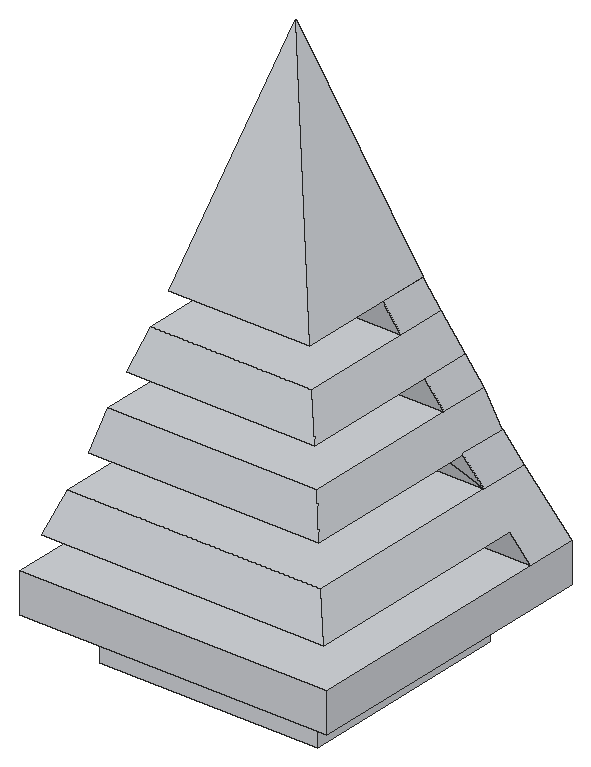
Revit family
Parameters (values of type "SBSP-024.1")
  Width = 1' - 1"
  URL = "www.strombergarchitectural.com"
  Top Material = GFRC
  Submittal Sheet = "www.strombergarchitectural.com/images/materials/gfrc/submittal/gfrc-submittal-sheet.pdf"
  Specifications = "www.strombergarchitectural.com/gfrcspecifications"
  Model Cut-sheet = "www.strombergarchitectural.com/products/bollards/design/SBSP-024"
  Model = "SBSP-024"
  Manufacturer = "Stromberg Architectural Products"
  Guidebook = "www.strombergarchitectural.com/images/materials/gfrc/handbooks/gfrc_guidebook.pdf   \r\n(http://www.strombergarchitectural.com/images/materials/gfrc/handbooks/gfrc_guidebook.pdf"
  Frame Material = none
  Description = "GFRC Bollard"
  Assembly Code = ""
  Height = 2' - 0"
  XXX.5 = no
  XXX.4 = no
  XXX.3 = no
  XXX.2 = no
  XXX.1 = yes
Types (6): name | Width | Guidebook | Height | XXX.5 | XXX.4 | XXX.3 | XXX.2 | XXX.1
  (no name) | 1' - 1" | "www.strombergarchitectural.com/images/materials/gfrc/handbooks/gfrc_guidebook.pdf   \r\n(http://www.strombergarchitectural.com/images/materials/gfrc/handbooks/gfrc_guidebook.pdf" | 2' - 0" | no | no | no | no | yes
  SBSP-024.3 | 1' - 9" | "www.strombergarchitectural.com/images/materials/gfrc/handbooks/gfrc_guidebook.pdf" | 3' - 0" | no | no | yes | no | no
  SBSP-024.1 | 1' - 1" | "www.strombergarchitectural.com/images/materials/gfrc/handbooks/gfrc_guidebook.pdf   \r\n(http://www.strombergarchitectural.com/images/materials/gfrc/handbooks/gfrc_guidebook.pdf" | 2' - 0" | no | no | no | no | yes
  SBSP-024.2 | 1' - 5" | "www.strombergarchitectural.com/images/materials/gfrc/handbooks/gfrc_guidebook.pdf" | 2' - 6" | no | no | no | yes | no
  SBSP-024.4 | 2' - 0" | "www.strombergarchitectural.com/images/materials/gfrc/handbooks/gfrc_guidebook.pdf" | 3' - 6" | no | yes | no | no | no
  SBSP-024.5 | 2' - 4" | "www.strombergarchitectural.com/images/materials/gfrc/handbooks/gfrc_guidebook.pdf" | 4' - 0" | yes | no | no | no | no
Reference planes (in)
  plane 1 "Center (Front/Back)": y = 3.74847
  plane 2: z = 0
  plane 3 "Center (Left/Right)": x = 0.7278
  plane 4 "Front": y = -20.25153
  plane 5 "Back": y = 27.74847
  plane 6 "Left": x = -17.2722
  plane 7 "Right": x = 18.7278
  plane 8: z = 4
  plane 9: z = 7.33333
  plane 10: z = 10
  plane 11: z = 13.33333
  plane 12: z = 16
  plane 13: z = 19.33333
  plane 14: z = 22
  plane 15: z = 25.33333
  plane 16: z = 28
  plane 17: z = 48
  plane 18: y = 14.0818
  plane 19: x = 11.06113
  plane 20: y = -6.58487
  plane 21: x = -9.60553
Forms (in)
  Extrusion 1, solid, visible <- "XXX.1"
    sketch origin (0, 0, 0) x (1, 0, 0) y (0, 1, 0)
      loop
        line (-3.92637, 8.32162) -> (-3.92637, -0.82469) -> (5.30096, -0.82469) -> (5.30096, 8.32162) -> (-3.92637, 8.32162)
    from 0 to 2
  Extrusion 2, solid, visible <- "XXX.1"
    sketch origin (7.2153, -48, 2) x (0, -1, 0) y (-1, 0, 0)
      loop
        line (-58.23597, 12.975) -> (-58.23597, 0) -> (-45.26097, 0) -> (-45.26097, 12.975) -> (-58.23597, 12.975)
    from -1.66667 to 0
  Blend 3, solid, visible <- "XXX.1"
    base sketch origin (0, 0, 0) x (1, 0, 0) y (0, 1, 0)
      loop
        line (-5.7597, 10.23597) -> (-5.7597, 8.11097) -> (7.2153, 8.11097) -> (7.2153, 10.23597) -> (-5.7597, 10.23597)
    top sketch origin (0, 0, 0) x (1, 0, 0) y (0, 1, 0)
      loop
        line (-5.2597, 9.73597) -> (-5.2597, 7.61097) -> (6.7153, 7.61097) -> (6.7153, 9.73597) -> (-5.2597, 9.73597)
    from 3.66667 to 5
  Blend 4, solid, visible <- "XXX.1"
    base sketch origin (0, 0, 0) x (1, 0, 0) y (0, 1, 0)
      loop
        line (-5.2597, 9.73597) -> (-5.2597, -2.23903) -> (6.7153, -2.23903) -> (6.7153, 9.73597) -> (-5.2597, 9.73597)
    top sketch origin (0, 0, 0) x (1, 0, 0) y (0, 1, 0)
      loop
        line (-4.6347, 9.11097) -> (-4.6347, -1.61403) -> (6.0903, -1.61403) -> (6.0903, 9.11097) -> (-4.6347, 9.11097)
    from 5 to 6.66667
  Blend 5, solid, visible <- "XXX.1"
    base sketch origin (6.25813, -48, 6.66667) x (0, -1, 0) y (1, 0, 0)
      loop
        line (-57.11097, -10.89283) -> (-54.98597, -10.89283) -> (-54.98597, -0.16783) -> (-57.11097, -0.16783) -> (-57.11097, -10.89283)
    top sketch origin (6.25813, -48, 6.66667) x (0, -1, 0) y (1, 0, 0)
      loop
        line (-56.61097, -0.66783) -> (-56.61097, -10.39283) -> (-54.48597, -10.39283) -> (-54.48597, -8.26783) -> (-54.48597, -2.79283) -> (-54.48597, -0.66783) -> (-56.61097, -0.66783)
    from 0 to 1.375
  Blend 6, solid, visible <- "XXX.1"
    base sketch origin (6.25813, -48, 6.66667) x (0, -1, 0) y (1, 0, 0)
      loop
        line (-56.61097, -0.66783) -> (-56.61097, -10.39283) -> (-46.88597, -10.39283) -> (-46.88597, -0.66783) -> (-56.61097, -0.66783)
    top sketch origin (6.25813, -48, 6.66667) x (0, -1, 0) y (1, 0, 0)
      loop
        line (-56.17347, -1.10533) -> (-56.17347, -9.95533) -> (-47.32347, -9.95533) -> (-47.32347, -1.10533) -> (-56.17347, -1.10533)
    from 1.33333 to 3
  Blend 7, solid, visible <- "XXX.1"
    base sketch origin (5.30096, -48, 9.66667) x (0, -1, 0) y (1, 0, 0)
      loop
        line (-56.17347, -8.99816) -> (-54.05364, -8.99816) -> (-54.05364, -0.14816) -> (-56.17347, -0.14816) -> (-56.17347, -8.99816)
    top sketch origin (5.30096, -48, 9.66667) x (0, -1, 0) y (1, 0, 0)
      loop
        line (-55.73597, -8.56066) -> (-53.61097, -8.56066) -> (-53.61097, -0.58566) -> (-55.73597, -0.58566) -> (-55.73597, -8.56066)
    from 0 to 1.3125
  Blend 8, solid, visible <- "XXX.1"
    base sketch origin (4.87555, -48, 11) x (0, -1, 0) y (1, 0, 0)
      loop
        line (-55.73597, -8.13525) -> (-47.76097, -8.13525) -> (-47.76097, -0.16025) -> (-55.73597, -0.16025) -> (-55.73597, -8.13525)
    top sketch origin (4.87555, -48, 11) x (0, -1, 0) y (1, 0, 0)
      loop
        line (-48.32347, -7.57275) -> (-48.32347, -0.72275) -> (-55.17347, -0.72275) -> (-55.17347, -7.57275) -> (-48.32347, -7.57275)
    from 0 to 1.6875
  Blend 9, solid, visible <- "XXX.1"
    base sketch origin (4.34378, -48, 12.66667) x (0, -1, 0) y (1, 0, 0)
      loop
        line (-55.17347, -0.19098) -> (-55.17347, -7.04098) -> (-53.04847, -7.04098) -> (-53.04847, -0.19098) -> (-55.17347, -0.19098)
    top sketch origin (4.34378, -48, 12.66667) x (0, -1, 0) y (1, 0, 0)
      loop
        line (-54.73597, -6.60348) -> (-52.61097, -6.60348) -> (-52.61097, -0.62848) -> (-54.73597, -0.62848) -> (-54.73597, -6.60348)
    from 0 to 1.3125
  Blend 10, solid, visible <- "XXX.1"
    base sketch origin (3.91837, -48, 14) x (0, -1, 0) y (1, 0, 0)
      loop
        line (-54.73597, -6.17807) -> (-48.76097, -6.17807) -> (-48.76097, -0.20307) -> (-54.73597, -0.20307) -> (-54.73597, -6.17807)
    top sketch origin (3.91837, -48, 14) x (0, -1, 0) y (1, 0, 0)
      loop
        line (-51.71722, -3.22182) -> (-51.71722, -3.15932) -> (-51.77972, -3.15932) -> (-51.77972, -3.22182) -> (-51.71722, -3.22182)
    from 0 to 10
  Extrusion 11, solid, visible <- "XXX.2"
    sketch origin (9.2278, -48, 2.5) x (0, -1, 0) y (-1, 0, 0)
      loop
        line (-42.99847, 17.25) -> (-60.49847, 17.25) -> (-60.49847, -0.25) -> (-42.99847, -0.25) -> (-42.99847, 17.25)
    from -2.08333 to 0
  Blend 12, solid, visible <- "XXX.2"
    base sketch origin (9.2278, -48, 4.58333) x (0, -1, 0) y (1, 0, 0)
      loop
        line (-60.49847, -17.25) -> (-57.31097, -17.25) -> (-57.31097, 0.25) -> (-60.49847, 0.25) -> (-60.49847, -17.25)
    top sketch origin (9.2278, -48, 4.58333) x (0, -1, 0) y (1, 0, 0)
      loop
        line (-59.93597, -16.6875) -> (-56.74847, -16.6875) -> (-56.74847, -0.3125) -> (-59.93597, -0.3125) -> (-59.93597, -16.6875)
    from 0 to 1.66667
  Blend 13, solid, visible <- "XXX.2"
    base sketch origin (8.64037, -48, 6.25) x (0, -1, 0) y (1, 0, 0)
      loop
        line (-59.93597, 0.27493) -> (-59.93597, -16.10007) -> (-43.56097, -16.10007) -> (-43.56097, 0.27493) -> (-59.93597, 0.27493)
    top sketch origin (8.64037, -48, 6.25) x (0, -1, 0) y (1, 0, 0)
      loop
        line (-59.24847, -0.41257) -> (-59.24847, -15.41257) -> (-44.24847, -15.41257) -> (-44.24847, -0.41257) -> (-59.24847, -0.41257)
    from 0 to 2.08333
  Blend 14, solid, visible <- "XXX.2"
    base sketch origin (7.90608, -48, 8.33333) x (0, -1, 0) y (1, 0, 0)
      loop
        line (-59.24847, -14.67828) -> (-56.62347, -14.67828) -> (-56.62347, 0.32172) -> (-59.24847, 0.32172) -> (-59.24847, -14.67828)
    top sketch origin (7.90608, -48, 8.33333) x (0, -1, 0) y (1, 0, 0)
      loop
        line (-58.68597, -14.11578) -> (-56.06097, -14.11578) -> (-56.06097, -0.24078) -> (-58.68597, -0.24078) -> (-58.68597, -14.11578)
    from 0 to 1.6875
  Blend 15, solid, visible <- "XXX.2"
    base sketch origin (7.31865, -48, 10) x (0, -1, 0) y (1, 0, 0)
      loop
        line (-58.68597, -13.52835) -> (-44.81097, -13.52835) -> (-44.81097, 0.34665) -> (-58.68597, 0.34665) -> (-58.68597, -13.52835)
    top sketch origin (7.31865, -48, 10) x (0, -1, 0) y (1, 0, 0)
      loop
        line (-57.99847, -12.84085) -> (-45.49847, -12.84085) -> (-45.49847, -0.34085) -> (-57.99847, -0.34085) -> (-57.99847, -12.84085)
    from 0 to 2.0625
  Blend 16, solid, visible <- "XXX.2"
    base sketch origin (6.58436, -48, 12.08333) x (0, -1, 0) y (1, 0, 0)
      loop
        line (-57.99847, -12.10656) -> (-55.37347, -12.10656) -> (-55.37347, 0.39344) -> (-57.99847, 0.39344) -> (-57.99847, -12.10656)
    top sketch origin (6.58436, -48, 12.08333) x (0, -1, 0) y (1, 0, 0)
      loop
        line (-57.43597, -11.54406) -> (-54.81097, -11.54406) -> (-54.81097, -0.16906) -> (-57.43597, -0.16906) -> (-57.43597, -11.54406)
    from 0 to 1.66667
  Blend 17, solid, visible <- "XXX.2"
    base sketch origin (5.99693, -48, 13.75) x (0, -1, 0) y (1, 0, 0)
      loop
        line (-57.43597, -10.95663) -> (-46.06097, -10.95663) -> (-46.06097, 0.41837) -> (-57.43597, 0.41837) -> (-57.43597, -10.95663)
    top sketch origin (5.99693, -48, 13.75) x (0, -1, 0) y (1, 0, 0)
      loop
        line (-46.74805, -0.25868) -> (-56.74847, -0.25868) -> (-56.74847, -10.27957) -> (-46.74805, -10.27957) -> (-46.74805, -0.25868)
    from 0 to 2.0625
  Blend 18, solid, visible <- "XXX.2"
    base sketch origin (5.26264, -48, 15.83333) x (0, -1, 0) y (1, 0, 0)
      loop
        line (-56.74847, -9.54528) -> (-54.12808, -9.54528) -> (-54.12808, 0.47561) -> (-56.74847, 0.47561) -> (-56.74847, -9.54528)
    top sketch origin (5.26264, -48, 15.83333) x (0, -1, 0) y (1, 0, 0)
      loop
        line (-56.19058, -8.98278) -> (-53.56558, -8.98278) -> (-53.56558, -0.08689) -> (-56.19058, -0.08689) -> (-56.19058, -8.98278)
    from 0 to 1.6875
  Blend 19, solid, visible <- "XXX.2"
    base sketch origin (4.6752, -48, 17.5) x (0, -1, 0) y (1, 0, 0)
      loop
        line (-56.19058, -8.39535) -> (-47.30636, -8.39535) -> (-47.30636, 0.50054) -> (-56.19058, 0.50054) -> (-56.19058, -8.39535)
    top sketch origin (4.6752, -48, 17.5) x (0, -1, 0) y (1, 0, 0)
      loop
        line (-51.77972, -3.97865) -> (-51.71722, -3.97865) -> (-51.71722, -3.91615) -> (-51.77972, -3.91615) -> (-51.77972, -3.97865)
    from 0 to 13
  Extrusion 20, solid, visible <- "XXX.2"
    sketch origin (0, 0, 0) x (1, 0, 0) y (0, 1, 0)
      loop
        line (-5.48053, -2.45987) -> (6.93613, -2.45987) -> (6.93613, 9.9568) -> (-5.48053, 9.9568) -> (-5.48053, -2.45987)
    from 0 to 2.5
  Extrusion 21, solid, visible <- "XXX.3"
    sketch origin (11.7278, -48, 3) x (0, -1, 0) y (-1, 0, 0)
      loop
        line (-41.24847, 21.5) -> (-62.24847, 21.5) -> (-62.24847, 0.5) -> (-41.24847, 0.5) -> (-41.24847, 21.5)
    from -2.5 to 0
  Blend 22, solid, visible <- "XXX.3"
    base sketch origin (11.7278, -48, 5.5) x (0, -1, 0) y (1, 0, 0)
      loop
        line (-62.24847, -21.5) -> (-58.37347, -21.5) -> (-58.37347, -0.5) -> (-62.24847, -0.5) -> (-62.24847, -21.5)
    top sketch origin (11.7278, -48, 5.5) x (0, -1, 0) y (1, 0, 0)
      loop
        line (-61.56097, -20.8125) -> (-57.68597, -20.8125) -> (-57.68597, -1.1875) -> (-61.56097, -1.1875) -> (-61.56097, -20.8125)
    from 0 to 2
  Blend 23, solid, visible <- "XXX.3"
    base sketch origin (11.02288, -48, 7.5) x (0, -1, 0) y (1, 0, 0)
      loop
        line (-61.56097, -20.10758) -> (-41.93597, -20.10758) -> (-41.93597, -0.48258) -> (-61.56097, -0.48258) -> (-61.56097, -20.10758)
    top sketch origin (11.02288, -48, 7.5) x (0, -1, 0) y (1, 0, 0)
      loop
        line (-60.68597, -19.23258) -> (-42.81097, -19.23258) -> (-42.81097, -1.35758) -> (-60.68597, -1.35758) -> (-60.68597, -19.23258)
    from 0 to 2.5
  Blend 24, solid, visible <- "XXX.3"
    base sketch origin (10.14173, -48, 10) x (0, -1, 0) y (1, 0, 0)
      loop
        line (-60.68597, -18.35143) -> (-57.49847, -18.35143) -> (-57.49847, -0.47643) -> (-60.68597, -0.47643) -> (-60.68597, -18.35143)
    top sketch origin (10.14173, -48, 10) x (0, -1, 0) y (1, 0, 0)
      loop
        line (-59.99847, -17.66393) -> (-56.81097, -17.66393) -> (-56.81097, -1.16393) -> (-59.99847, -1.16393) -> (-59.99847, -17.66393)
    from 0 to 2
  Blend 25, solid, visible <- "XXX.3"
    base sketch origin (9.43682, -48, 12) x (0, -1, 0) y (1, 0, 0)
      loop
        line (-43.49847, -16.95902) -> (-43.49847, -0.45902) -> (-59.99847, -0.45902) -> (-59.99847, -16.95902) -> (-43.49847, -16.95902)
    top sketch origin (9.43682, -48, 12) x (0, -1, 0) y (1, 0, 0)
      loop
        line (-59.12347, -16.08402) -> (-44.37347, -16.08402) -> (-44.37347, -1.33402) -> (-59.12347, -1.33402) -> (-59.12347, -16.08402)
    from 0 to 2.5
  Blend 26, solid, visible <- "XXX.3"
    base sketch origin (8.55567, -48, 14.5) x (0, -1, 0) y (1, 0, 0)
      loop
        line (-59.12347, -15.20287) -> (-55.98603, -15.20287) -> (-55.98603, -0.45287) -> (-59.12347, -0.45287) -> (-59.12347, -15.20287)
    top sketch origin (8.55567, -48, 14.5) x (0, -1, 0) y (1, 0, 0)
      loop
        line (-55.29853, -14.56543) -> (-55.29853, -1.09031) -> (-58.48603, -1.09031) -> (-58.48603, -14.56543) -> (-55.29853, -14.56543)
    from 0 to 2
  Blend 27, solid, visible <- "XXX.3"
    base sketch origin (7.85075, -48, 16.5) x (0, -1, 0) y (1, 0, 0)
      loop
        line (-58.48603, -13.86051) -> (-45.01091, -13.86051) -> (-45.01091, -0.38539) -> (-58.48603, -0.38539) -> (-58.48603, -13.86051)
    top sketch origin (7.85075, -48, 16.5) x (0, -1, 0) y (1, 0, 0)
      loop
        line (-45.88591, -12.98551) -> (-45.88591, -1.26039) -> (-57.61103, -1.26039) -> (-57.61103, -12.98551) -> (-45.88591, -12.98551)
    from 0 to 2.5
  Blend 28, solid, visible <- "XXX.3"
    base sketch origin (6.9696, -48, 19) x (0, -1, 0) y (1, 0, 0)
      loop
        line (-57.61103, -12.10436) -> (-54.42353, -12.10436) -> (-54.42353, -0.37924) -> (-57.61103, -0.37924) -> (-57.61103, -12.10436)
    top sketch origin (6.9696, -48, 19) x (0, -1, 0) y (1, 0, 0)
      loop
        line (-53.73603, -11.41686) -> (-53.73603, -1.06674) -> (-56.92353, -1.06674) -> (-56.92353, -11.41686) -> (-53.73603, -11.41686)
    from 0 to 2
  Blend 29, solid, visible <- "XXX.3"
    base sketch origin (6.26469, -48, 21) x (0, -1, 0) y (1, 0, 0)
      loop
        line (-46.57341, -10.71195) -> (-46.57341, -0.36182) -> (-56.92353, -0.36182) -> (-56.92353, -10.71195) -> (-46.57341, -10.71195)
    top sketch origin (6.26469, -48, 21) x (0, -1, 0) y (1, 0, 0)
      loop
        line (-51.71722, -5.56814) -> (-51.71722, -5.50564) -> (-51.77972, -5.50564) -> (-51.77972, -5.56814) -> (-51.71722, -5.56814)
    from 0 to 15
  Extrusion 30, solid, visible <- "XXX.3"
    sketch origin (0, 0, 0) x (1, 0, 0) y (0, 1, 0)
      loop
        line (-7.0222, -4.00153) -> (8.4778, -4.00153) -> (8.4778, 11.49847) -> (-7.0222, 11.49847) -> (-7.0222, -4.00153)
    from 0 to 3
  Extrusion 31, solid, visible <- "XXX.4"
    sketch origin (12.7278, -48, 3.5) x (0, -1, 0) y (-1, 0, 0)
      loop
        line (-63.74847, 24) -> (-63.74847, 0) -> (-39.74847, 0) -> (-39.74847, 24) -> (-63.74847, 24)
    from -2.91667 to 0
  Blend 32, solid, visible <- "XXX.4"
    base sketch origin (12.7278, -48, 6.41667) x (0, -1, 0) y (1, 0, 0)
      loop
        line (-63.74847, -24) -> (-60.06097, -24) -> (-60.06097, 0) -> (-63.74847, 0) -> (-63.74847, -24)
    top sketch origin (12.7278, -48, 6.41667) x (0, -1, 0) y (1, 0, 0)
      loop
        line (-59.24847, -23.1875) -> (-59.24847, -0.8125) -> (-62.93597, -0.8125) -> (-62.93597, -23.1875) -> (-59.24847, -23.1875)
    from 0 to 2.33333
  Blend 33, solid, visible <- "XXX.4"
    base sketch origin (11.9054, -48, 8.75) x (0, -1, 0) y (1, 0, 0)
      loop
        line (-40.56097, -22.3651) -> (-40.56097, 0.0099) -> (-62.93597, 0.0099) -> (-62.93597, -22.3651) -> (-40.56097, -22.3651)
    top sketch origin (11.9054, -48, 8.75) x (0, -1, 0) y (1, 0, 0)
      loop
        line (-41.56097, -21.3651) -> (-41.56097, -0.9901) -> (-61.93597, -0.9901) -> (-61.93597, -21.3651) -> (-41.56097, -21.3651)
    from 0 to 2.91667
  Blend 34, solid, visible <- "XXX.4"
    base sketch origin (10.87739, -48, 11.66667) x (0, -1, 0) y (1, 0, 0)
      loop
        line (-61.93597, -20.33709) -> (-58.24847, -20.33709) -> (-58.24847, 0.03791) -> (-61.93597, 0.03791) -> (-61.93597, -20.33709)
    top sketch origin (10.87739, -48, 11.66667) x (0, -1, 0) y (1, 0, 0)
      loop
        line (-61.12347, -19.52459) -> (-57.43597, -19.52459) -> (-57.43597, -0.77459) -> (-61.12347, -0.77459) -> (-61.12347, -19.52459)
    from 0 to 2.33333
  Blend 35, solid, visible <- "XXX.4"
    base sketch origin (10.05499, -48, 14) x (0, -1, 0) y (1, 0, 0)
      loop
        line (-42.37347, -18.70219) -> (-42.37347, 0.04781) -> (-61.12347, 0.04781) -> (-61.12347, -18.70219) -> (-42.37347, -18.70219)
    top sketch origin (10.05499, -48, 14) x (0, -1, 0) y (1, 0, 0)
      loop
        line (-43.37347, -17.70219) -> (-43.37347, -0.95219) -> (-60.12347, -0.95219) -> (-60.12347, -17.70219) -> (-43.37347, -17.70219)
    from 0 to 2.91667
  Blend 36, solid, visible <- "XXX.4"
    base sketch origin (9.02698, -48, 16.91667) x (0, -1, 0) y (1, 0, 0)
      loop
        line (-56.43597, -16.67418) -> (-56.43597, 0.07582) -> (-60.12347, 0.07582) -> (-60.12347, -16.67418) -> (-56.43597, -16.67418)
    top sketch origin (9.02698, -48, 16.91667) x (0, -1, 0) y (1, 0, 0)
      loop
        line (-55.62347, -15.86168) -> (-55.62347, -0.73668) -> (-59.31097, -0.73668) -> (-59.31097, -15.86168) -> (-55.62347, -15.86168)
    from 0 to 2.33333
  Blend 37, solid, visible <- "XXX.4"
    base sketch origin (8.20458, -48, 19.25) x (0, -1, 0) y (1, 0, 0)
      loop
        line (-44.18597, -15.03928) -> (-44.18597, 0.08572) -> (-59.31097, 0.08572) -> (-59.31097, -15.03928) -> (-44.18597, -15.03928)
    top sketch origin (8.20458, -48, 19.25) x (0, -1, 0) y (1, 0, 0)
      loop
        line (-45.18597, -14.03928) -> (-45.18597, -0.91428) -> (-58.31097, -0.91428) -> (-58.31097, -14.03928) -> (-45.18597, -14.03928)
    from 0 to 2.91667
  Blend 38, solid, visible <- "XXX.4"
    base sketch origin (7.17657, -48, 22.16667) x (0, -1, 0) y (1, 0, 0)
      loop
        line (-54.62347, -13.01127) -> (-54.62347, 0.11373) -> (-58.31097, 0.11373) -> (-58.31097, -13.01127) -> (-54.62347, -13.01127)
    top sketch origin (7.17657, -48, 22.16667) x (0, -1, 0) y (1, 0, 0)
      loop
        line (-53.81097, -12.19877) -> (-53.81097, -0.69877) -> (-57.49847, -0.69877) -> (-57.49847, -12.19877) -> (-53.81097, -12.19877)
    from 0 to 2.33333
  Blend 39, solid, visible <- "XXX.4"
    base sketch origin (6.35417, -48, 24.5) x (0, -1, 0) y (1, 0, 0)
      loop
        line (-45.99847, -11.37637) -> (-45.99847, 0.12363) -> (-57.49847, 0.12363) -> (-57.49847, -11.37637) -> (-45.99847, -11.37637)
    top sketch origin (6.35417, -48, 24.5) x (0, -1, 0) y (1, 0, 0)
      loop
        line (-51.71722, -5.65762) -> (-51.71722, -5.59512) -> (-51.77972, -5.59512) -> (-51.77972, -5.65762) -> (-51.71722, -5.65762)
    from 0 to 17.5
  Extrusion 40, solid, visible <- "XXX.4"
    sketch origin (0, 0, 0) x (1, 0, 0) y (0, 1, 0)
      loop
        line (-8.06387, -5.0432) -> (9.51947, -5.0432) -> (9.51947, 12.54013) -> (-8.06387, 12.54013) -> (-8.06387, -5.0432)
    from 0 to 3.5
  Extrusion 41, solid, visible <- "XXX.5"
    sketch origin (14.7278, -48, 4) x (0, -1, 0) y (-1, 0, 0)
      loop
        line (-37.74847, 28) -> (-65.74847, 28) -> (-65.74847, 0) -> (-37.74847, 0) -> (-37.74847, 28)
    from -3.33333 to 0
  Blend 42, solid, visible <- "XXX.5"
    base sketch origin (14.7278, -48, 7.33333) x (0, -1, 0) y (1, 0, 0)
      loop
        line (-65.74847, -28) -> (-61.49847, -28) -> (-61.49847, 0) -> (-65.74847, 0) -> (-65.74847, -28)
    top sketch origin (14.7278, -48, 7.33333) x (0, -1, 0) y (1, 0, 0)
      loop
        line (-60.56097, -27.0625) -> (-60.56097, -0.9375) -> (-64.81097, -0.9375) -> (-64.81097, -27.0625) -> (-60.56097, -27.0625)
    from 0 to 2.66667
  Blend 43, solid, visible <- "XXX.5"
    base sketch origin (13.78791, -48, 10) x (0, -1, 0) y (1, 0, 0)
      loop
        line (-38.68597, -26.12261) -> (-38.68597, 0.00239) -> (-64.81097, 0.00239) -> (-64.81097, -26.12261) -> (-38.68597, -26.12261)
    top sketch origin (13.78791, -48, 10) x (0, -1, 0) y (1, 0, 0)
      loop
        line (-39.81097, -24.99761) -> (-39.81097, -1.12261) -> (-63.68597, -1.12261) -> (-63.68597, -24.99761) -> (-39.81097, -24.99761)
    from 0 to 3.33333
  Blend 44, solid, visible <- "XXX.5"
    base sketch origin (12.61305, -48, 13.33333) x (0, -1, 0) y (1, 0, 0)
      loop
        line (-59.43597, -23.82275) -> (-59.43597, 0.05225) -> (-63.68597, 0.05225) -> (-63.68597, -23.82275) -> (-59.43597, -23.82275)
    top sketch origin (12.61305, -48, 13.33333) x (0, -1, 0) y (1, 0, 0)
      loop
        line (-58.49847, -22.88525) -> (-58.49847, -0.88525) -> (-62.74847, -0.88525) -> (-62.74847, -22.88525) -> (-58.49847, -22.88525)
    from 0 to 2.66667
  Blend 45, solid, visible <- "XXX.5"
    base sketch origin (11.67316, -48, 16) x (0, -1, 0) y (1, 0, 0)
      loop
        line (-40.74847, -21.94536) -> (-40.74847, 0.05464) -> (-62.74847, 0.05464) -> (-62.74847, -21.94536) -> (-40.74847, -21.94536)
    top sketch origin (11.67316, -48, 16) x (0, -1, 0) y (1, 0, 0)
      loop
        line (-41.87347, -20.82036) -> (-41.87347, -1.07036) -> (-61.62347, -1.07036) -> (-61.62347, -20.82036) -> (-41.87347, -20.82036)
    from 0 to 3.33333
  Blend 46, solid, visible <- "XXX.5"
    base sketch origin (10.49829, -48, 19.33333) x (0, -1, 0) y (1, 0, 0)
      loop
        line (-57.37347, -19.64549) -> (-57.37347, 0.10451) -> (-61.62347, 0.10451) -> (-61.62347, -19.64549) -> (-57.37347, -19.64549)
    top sketch origin (10.49829, -48, 19.33333) x (0, -1, 0) y (1, 0, 0)
      loop
        line (-56.43597, -18.70799) -> (-56.43597, -0.83299) -> (-60.68597, -0.83299) -> (-60.68597, -18.70799) -> (-56.43597, -18.70799)
    from 0 to 2.66667
  Blend 47, solid, visible <- "XXX.5"
    base sketch origin (9.5584, -48, 22) x (0, -1, 0) y (1, 0, 0)
      loop
        line (-42.81097, -17.7681) -> (-42.81097, 0.1069) -> (-60.68597, 0.1069) -> (-60.68597, -17.7681) -> (-42.81097, -17.7681)
    top sketch origin (9.5584, -48, 22) x (0, -1, 0) y (1, 0, 0)
      loop
        line (-59.56097, -1.0181) -> (-59.56097, -16.6431) -> (-43.93597, -16.6431) -> (-43.93597, -1.0181) -> (-59.56097, -1.0181)
    from 0 to 3.33333
  Blend 48, solid, visible <- "XXX.5"
    base sketch origin (8.38354, -48, 25.33333) x (0, -1, 0) y (1, 0, 0)
      loop
        line (-55.31097, -15.46824) -> (-55.31097, 0.15676) -> (-59.56097, 0.15676) -> (-59.56097, -15.46824) -> (-55.31097, -15.46824)
    top sketch origin (8.38354, -48, 25.33333) x (0, -1, 0) y (1, 0, 0)
      loop
        line (-54.37347, -14.53074) -> (-54.37347, -0.78074) -> (-58.62347, -0.78074) -> (-58.62347, -14.53074) -> (-54.37347, -14.53074)
    from 0 to 2.66667
  Blend 49, solid, visible <- "XXX.5"
    base sketch origin (7.44365, -48, 28) x (0, -1, 0) y (1, 0, 0)
      loop
        line (-44.87347, -13.59085) -> (-44.87347, 0.15915) -> (-58.62347, 0.15915) -> (-58.62347, -13.59085) -> (-44.87347, -13.59085)
    top sketch origin (7.44365, -48, 28) x (0, -1, 0) y (1, 0, 0)
      loop
        line (-51.71722, -6.7471) -> (-51.71722, -6.6846) -> (-51.77972, -6.6846) -> (-51.77972, -6.7471) -> (-51.71722, -6.7471)
    from 0 to 20
  Extrusion 50, solid, visible <- "XXX.5"
    sketch origin (0, 0, 0) x (1, 0, 0) y (0, 1, 0)
      loop
        line (-9.60553, -6.58487) -> (11.06113, -6.58487) -> (11.06113, 14.0818) -> (-9.60553, 14.0818) -> (-9.60553, -6.58487)
    from 0 to 4
Cuts and joins
  joined: Extrusion 1, Extrusion 2, Blend 3, Blend 4, Blend 5, Blend 6, Blend 7, Blend 8, Blend 9, Blend 10
  joined: Extrusion 11, Blend 12, Blend 13, Blend 14, Blend 15, Blend 16, Blend 17, Blend 18, Blend 19, Extrusion 20
  joined: Extrusion 21, Blend 22, Blend 23, Blend 24, Blend 25, Blend 26, Blend 27, Blend 28, Blend 29, Extrusion 30
  joined: Extrusion 31, Blend 32, Blend 33, Blend 34, Blend 35, Blend 36, Blend 37, Blend 38, Blend 39, Extrusion 40
  joined: Extrusion 41, Blend 42, Blend 43, Blend 44, Blend 45, Blend 46, Blend 47, Blend 48, Blend 49, Extrusion 50
Lines and regions (in)
  model lines, visible <- "XXX.1"
    curve 1: line (0.75905, 4.38923, 14) -> (0.75905, 3.15958, 14)
    curve 2: line (0.08704, 3.71722, 14) -> (1.31669, 3.71722, 14)
    curve 3: line (0.69655, 4.38923, 14) -> (0.69655, 3.15958, 14)
    curve 4: line (0.08704, 3.77972, 14) -> (1.31669, 3.77972, 14)
  symbolic lines
    curve 5: line (0.7278, 3.74847, 7.33333) -> (-15.88921, 20.36548, 7.33333)
    curve 6: line (0.7278, 3.74847, 7.33333) -> (16.81448, 19.83515, 7.33333)
    curve 7: line (0.69655, 3.71722, 28) -> (0.75905, 3.71722, 28)
    curve 8: line (0.69655, 3.77972, 28) -> (0.69655, 3.71722, 28)
    curve 9: line (0.75905, 3.77972, 28) -> (0.69655, 3.77972, 28)
    curve 10: line (0.75905, 3.71722, 28) -> (0.75905, 3.77972, 28)
Dimensions and locks (in)
  aligned and locked: level to plane 2
